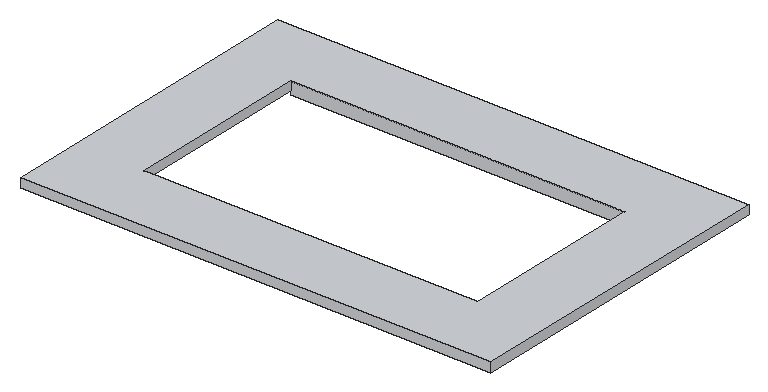
Revit family "P38SFPSB - LS38006-20", category Generic Models, host Face, Revit 2019
Family settings
  Host = Face
  Can host rebar = No
  Round Connector Dimension = Use Diameter
  Part Type = Normal
  Cut with Voids When Loaded = No
  Shared = No
  Room Calculation Point = No
Parameters
  Default Elevation = 48.00"
Reference planes (in)
  plane 1 "Center (Front/Back)": y = 0
  plane 2: z = 0
  plane 3 "Center (Left/Right)": x = 0
Forms (in)
  Extrusion 1, solid
    sketch origin (-18.5625, 20.90625, 0) x (1, 0, 0) y (0, 1, 0)
      loop
        line (43.48025, -3.88275) -> (-6.35525, -3.88275) -> (-6.35525, -37.92975) -> (43.48025, -37.92975) -> (43.48025, -3.88275)
      loop
        line (0.89475, -11.19975) -> (0.89475, -30.61275) -> (36.23025, -30.61275) -> (36.23025, -11.19975) -> (0.89475, -11.19975)
    from 0 to 1
  Sweep 2, solid
    path origin (0, 2.4095, 0) x (1, 0, 0) y (0, 1, 0)
      loop
        line (17.66775, -12.116) -> (-17.66775, -12.116)
    profile origin (0, -9.7065, 0) x (0, -1, 0) y (0, 0, 1)
      loop
        line (0, 1) -> (0, -0.307) -> (0.536, -0.307) -> (0.536, -0.267) -> (0.04, -0.267) -> (0.04, 1) -> (0, 1)
  Sweep 3, solid
    path origin (0, -2.4095, 0) x (1, 0, 0) y (0, -1, 0)
      loop
        line (17.66775, -12.116) -> (-17.66775, -12.116)
    profile origin (0, 9.7065, 0) x (0, -1, 0) y (0, 0, 1)
      loop
        line (0, 1) -> (-0.04, 1) -> (-0.04, -0.267) -> (-0.536, -0.267) -> (-0.536, -0.307) -> (0, -0.307) -> (0, 1)
Cuts and joins
  joined: Extrusion 1, Sweep 2, Sweep 3
Dimensions and locks (in)
  aligned and locked: plane 2 to host face
  aligned and locked: level to host face
